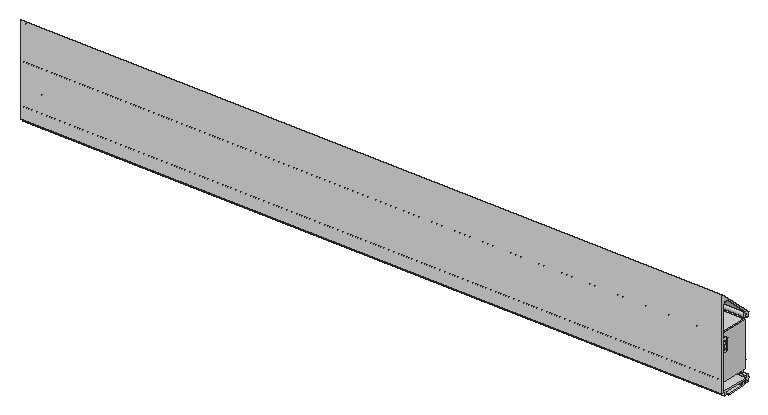
Revit family "Lighting-Current-COVE30", category Lighting Fixtures, host Face, Revit 2019
Family settings
  Host = Face
  Round Connector Dimension = Use Diameter
  Part Type = Normal
  OmniClass Number = 23.80.70.11
  OmniClass Title = Luminaries for Internal Lighting
  Cut with Voids When Loaded = No
  Light Source = Yes
  Shared = No
  Room Calculation Point = No
Parameters (values of type "Cove30")
  a [instance] = if(Knife_Edge, 0.850", if(Knife_Edge_Mud_In, 0.550", 0.000"))  # 0.850"
  Wattage Comments = "2.5W to 8.6W per Feet"  # constant formula
  Wattage = 10 W
  built-in parameter 1150110 = 1 (stored number, unit not read)
  Voltage Comments = "120–347V"  # constant formula
  Voltage = 120 V  # constant formula
  Version = ""
  URL = "https://www.currentlighting.com/columbialighting"
  Type Comments = "Light Fixture"
  built-in parameter 1114217 = 1 (stored number, unit not read)
  Tilt Angle = -90.00°
  built-in parameter 1150109 = 1 (stored number, unit not read)
  built-in parameter 1150134 = (empty or 0)
  built-in parameter 1150113 = 1 (stored number, unit not read)
  Reflector Material = Reflector - Current - Silver
  Product Page URL = "https://www.currentlighting.com/indoor-lighting/cove30/370568"
  Product Documentation Link = "https://cdn.currentlighting.com/site/specsheet/Cove30_Spec.pdf"
  Power Factor = 0.9  # constant formula
  Photometry Note = "Please load ies file listed under Photometric Web File for accurate rendering."  # constant formula
  Photometric Web File = "30L-CC-AI-4-35K9-I030_Position_1.ies"
  Mounting = "Please Refer to the Product Spec Sheet for Mounting Options"  # constant formula
  Model = "Cove30"
  Manufacturer = "Current Lighting"
  built-in parameter 1150105 = 90.718 (stored number, unit not read)
  Lumens = 1140 lm
  built-in parameter 1150115 = 1 (stored number, unit not read)
  Load Classification = Lighting
  built-in parameter 1150137 = (empty or 0)
  built-in parameter 1150139 = (empty or 0)
  Length = 48.000"
  built-in parameter 1150112 = 1 (stored number, unit not read)
  built-in parameter 1150114 = 1 (stored number, unit not read)
  Lamp = "LED"
  LED = LED - Current - Yellow
  Knife_Edge_Mud_In = no
  Knife_Edge = yes
  Installation and Service URL = "https://cdn.currentlighting.com/site/installationmanuals/93168792.pdf"
  built-in parameter 1150132 = (empty or 0)
  built-in parameter 1150102 = (empty or 0)
  built-in parameter 1150107 = 3500 (stored number, unit not read)
  built-in parameter 1150138 = (empty or 0)
  built-in parameter 1150106 = 0.90718 (stored number, unit not read)
  Housing Material = Paint - Current - White
  Heatsink Material = Aluminum - Current - Black
  Features = "Smallest adjustable architectural cove product on the market\r\nAdjustable from 0-30° in 8 increments for varying cove heights & applications\r\nHot-aim, tool-less adjustable optics for adjustment while installed\r\nDesigned for field-built installations. Optional extruded cove systems available\r\n2SDCM color variation for close-to-wall applications\r\nTriGain Technology provides superior color quality without compromising efficacy\r\nVariable Intensity technology provides a range of specifiable outputs/wattages"  # constant formula
  Emit from Circle Diameter = 1.460"
  Emit Shape Visible in Rendering = no
  built-in parameter 1150104 = 10.591 (stored number, unit not read)
  Dimming Lamp Color Temperature Shift = (empty or 0)
  Dimmimng Protocol = "1% Dimming, 0-10V; 5% Dimming, 0-10V"  # constant formula
  Description = "CONCEALED COVE LIGHT"  # constant formula
  Default Elevation = 48.000"
  Cove = Cove : Cove
  Copyright = "COPYRIGHT © 2022 HLI SOLUTIONS, INC."
  Controller = "Please Refer to the Product Spec Sheet for Control Options"  # constant formula
  Contact Us = "https://www.currentlighting.com/contact-us\r\r\nhttps://www.currentlighting.com/contact-us\r\r\nhttps://www.currentlighting.com/contact-us\r\r\nhttps://www.currentlighting.com/contact-us\r\r\nhttps://www.currentlighting.com/contact-us"
  Color Rendering Index = "90"
  Color Filter = 16777215
  CS = Knife-Edge : Knife-Edge
  built-in parameter 1114218 = 1 (stored number, unit not read)
  B [instance] = if(Knife_Edge, 0.290", 0.000")  # 0.290"
  built-in parameter 1150133 = 10 (stored number, unit not read)
  Assembly Code = "D5020200"
  Apparent Load = Wattage  # 10 W
Reference planes (in)
  plane 1 "Center (Front/Back)": y = 0
  plane 2: z = 0
  plane 3 "Center (Left/Right)": x = 0
  plane 4: x = -24
  plane 5: x = 24
  plane 6: z = 0.85
  plane 7: z = 0.29
Forms (in)
  Extrusion 1, solid, material "Paint - Current - White" <- "Housing Material", visible <- "Knife_Edge"
    sketch origin (0, 0, 0) x (0, 1, 0) y (0, 0, 1)
      loop
        line (0.97122, 0.14725) -> (0.97122, 0.20506) -> (0.75764, 0.20506)
        arc (0.75764, 0.20506) -> (0.68693, 0.17578) -> (0.65764, 0.10506) r 0.1
        line (0.65764, 0.10506) -> (0.65764, 0.05) -> (-0.50833, 0.05) -> (-0.50833, 0) -> (0.65764, 0)
        arc (0.65764, 0) -> (0.693, 0.01464) -> (0.70764, 0.05) r 0.05
        line (0.70764, 0.05) -> (0.70764, 0.09725)
        arc (0.70764, 0.09725) -> (0.72229, 0.13261) -> (0.75764, 0.14725) r 0.05
        line (0.75764, 0.14725) -> (0.97122, 0.14725)
    from -24 to 24
Lines and regions (in)
  symbolic lines
    curve 1: circle (-24.575, 0, 0) r 1.765 normal (0, 0, 1)
Dimensions and locks (in)
  "Length": plane 5 to plane 4
  equal spacing: plane 5, plane 3 "Center (Left/Right)", plane 4
  "a": host face to plane 6
  "B": plane 7 to plane 2
  locked: curve 1 to curve 1 (diameter 3.530")
  aligned and locked: plane 2 to host face
  aligned and locked: level to host face
  aligned and locked: Extrusion 1 to plane 4
  aligned and locked: plane 5 to Extrusion 1
  aligned and locked: plane 6 to nested 1
  aligned and locked: imposter light to nested 1
  aligned and locked: plane 3 "Center (Left/Right)" to imposter light
  aligned and locked: plane 1 "Center (Front/Back)" to nested 2
  aligned and locked: plane 3 "Center (Left/Right)" to nested 2
  aligned and locked: nested 2 to plane 4
  aligned and locked: plane 5 to nested 2
  aligned and locked: plane 4 to nested 1
  aligned and locked: plane 5 to nested 1
  aligned and locked: plane 7 to nested 2
Automatic sketch dimensions
  plane 1 "Center (Front/Back)" to curve 1 = 0.000"
  curve 1 to plane 4 = 0.575"
  host sketch curve to host sketch curve = 96.000"  (x2)
  Extrusion 1 sketch curve to level = 0.000"
  plane 1 "Center (Front/Back)" to Extrusion 1 sketch curve = 0.50833"
  Extrusion 1 sketch curve to plane 1 "Center (Front/Back)" = 0.65764"
  Extrusion 1 sketch curve to Extrusion 1 sketch curve = 0.000"  (x2)
  level to Extrusion 1 sketch curve = 0.050"
  Extrusion 1 sketch curve to Extrusion 1 sketch curve = 0.050"  (x2)
  Extrusion 1 sketch curve to Extrusion 1 sketch curve = 0.21358"
  Extrusion 1 sketch curve to Extrusion 1 sketch curve = 0.04725"
  Extrusion 1 sketch curve to Extrusion 1 sketch curve = 0.00781"
Nested families (in)
  nested 1: "Cove" at (0, 0.03446, 0.85), type <- "Cove", type "Cove"
    with Length 48.000"
  nested 2: "Knife-Edge" at (0, 0, 0.00992), type <- "CS", type "Knife-Edge"
Connectors (in)
  electrical at (0, 0.09972, 0.29)
    settings: on nested 2, index 1, voltage 0 V, apparent load 0 W, apparent load phase1 0 W, apparent load phase2 0 W, apparent load phase3 0 W, power factor 1, load classification "Other", number of poles 1, system type 30, power factor state 1, is connector primary yes, connector utility no, sub classification motor no, connector description ""
Definition of nested family "Cove"
  Parameters (values of type "Cove")
    Length = 45.000"
    Housing Material = none
  Reference planes (in)
    plane 1 "Center (Front/Back)": y = 0
    plane 2: z = 0
    plane 3 "Center (Left/Right)": x = 0
    plane 4: x = 22.5
    plane 5: x = -22.5
    plane 6: x = -22.39844
    plane 7: x = 22.39844
  Forms (in)
    Extrusion 1, solid, material <- "Housing Material"
      sketch origin (0, 0, 0) x (0, 1, 0) y (0, 0, 1)
        loop
          line (0.63222, 0.12466) -> (0.81276, 0.12466) -> (0.81276, 0.1759) -> (-0.74701, 0.1759) -> (-0.74701, 0.39036) -> (-0.78279, 0.42614) -> (-0.74701, 0.42614) -> (-0.74701, 1.17614) -> (-0.62874, 1.17614) -> (-0.62874, 1.4099) -> (-0.55793, 1.4099)
          arc (-0.55793, 1.4099) -> (-0.52385, 1.44398) -> (-0.55793, 1.47806) r 0.03408
          line (-0.55793, 1.47806) -> (0.37993, 1.47806)
          arc (0.37993, 1.47806) -> (0.47069, 1.51244) -> (0.51587, 1.59833) r 0.13697
          line (0.51587, 1.59833) -> (0.69286, 3.03979) -> (0.6531, 3.03979) -> (0.6531, 3.07079) -> (0.81276, 3.07079) -> (0.81276, 3.125) -> (-0.98411, 3.125) -> (-1.06324, 3.04587) -> (-1.06324, 2.94004) -> (-1.00209, 2.87889) -> (-0.89626, 2.87889) -> (-0.69254, 2.67517) -> (-0.69254, 1.87365) -> (-1.00753, 1.87365) -> (-1.06324, 1.81794) -> (-1.06324, 0.18845) -> (-0.99945, 0.12466) -> (0.5625, 0.12466) -> (0.5625, 0) -> (0.63222, 0) -> (0.63222, 0.12466)
      from -22.39844 to 22.39844
    Extrusion 2, solid, material <- "Housing Material"
      sketch origin (0, 0, 0) x (0, 1, 0) y (0, 0, 1)
        loop
          line (-0.74701, 0.99783) -> (-0.74701, 0.63371) -> (-0.71341, 0.63371) -> (-0.71341, 0.66939) -> (-0.60912, 0.66939) -> (-0.60912, 0.95391) -> (-0.71341, 0.95391) -> (-0.71341, 0.99783) -> (-0.74701, 0.99783)
      from -22.39844 to 22.39844
    Extrusion 3, solid, material <- "Housing Material"
      sketch origin (0, 0, 0) x (0, 1, 0) y (0, 0, 1)
        loop
          line (-0.60912, 0.87085) -> (-0.36609, 0.96904) -> (-0.35821, 1.00865) -> (-0.60912, 0.91732) -> (-0.60912, 0.87085)
      from -22.39844 to 22.39844
    Extrusion 4, solid, material <- "Housing Material"
      sketch origin (0, 0, 0) x (0, 1, 0) y (0, 0, 1)
        loop
          line (0.62215, 0.26581) -> (0.66208, 0.22589) -> (0.77339, 0.22589) -> (0.77339, 0.28638) -> (0.81272, 0.32571) -> (0.7813, 0.35712) -> (0.91469, 0.52785) -> (0.94997, 0.49257) -> (0.98712, 0.54011) -> (0.90092, 0.60746)
          arc (0.90092, 0.60746) -> (0.74698, 0.56554) -> (0.68158, 0.71106) r 0.12279
          line (0.68158, 0.71106) -> (0.77339, 1.02472) -> (0.77339, 1.39293) -> (0.65694, 1.39293) -> (0.60933, 1.34532)
          arc (0.60933, 1.34532) -> (0.60933, 1.31594) -> (0.63871, 1.31594) r 0.02077
          line (0.63871, 1.31594) -> (0.6679, 1.34513) -> (0.72678, 1.34513) -> (0.72678, 1.30647) -> (0.72678, 1.05647) -> (0.59664, 0.61187) -> (0.75842, 0.45009) -> (0.88157, 0.56097) -> (0.76801, 0.41562) -> (0.5691, 0.61453) -> (0.41257, 0.77106) -> (0.37876, 0.73726) -> (0.3044, 0.81162) -> (0.68316, 1.19038) -> (0.64891, 1.22463) -> (0.71313, 1.28885) -> (0.67523, 1.32674) -> (0.57366, 1.22517) -> (0.35893, 1.39293)
          arc (0.35893, 1.39293) -> (0.2675, 1.3747) -> (0.18041, 1.34144) r 0.55582
          arc (0.18041, 1.34144) -> (0.15378, 1.33276) -> (0.12714, 1.34144) r 0.04522
          arc (0.12714, 1.34144) -> (0.08476, 1.33813) -> (0.08145, 1.29574) r 0.03271
          arc (0.08145, 1.29574) -> (0.05716, 1.261) -> (0.01495, 1.26499) r 0.04212
          arc (0.01495, 1.26499) -> (-0.03314, 1.26953) -> (-0.06082, 1.22994) r 0.04799
          arc (-0.06082, 1.22994) -> (-0.0858, 1.18645) -> (-0.13522, 1.17785) r 0.05906
          arc (-0.13522, 1.17785) -> (-0.1841, 1.17394) -> (-0.20449, 1.12935) r 0.04841
          arc (-0.20449, 1.12935) -> (-0.21845, 1.07646) -> (-0.27295, 1.07187) r 0.04744
          arc (-0.27295, 1.07187) -> (-0.3413, 1.06056) -> (-0.34254, 0.9913) r 0.05413
          line (-0.34254, 0.9913) -> (-0.41038, 0.92345) -> (-0.37205, 0.88511)
          arc (-0.37205, 0.88511) -> (-0.10366, 1.16004) -> (0.23977, 1.33229) r 1.16074
          arc (0.23977, 1.33229) -> (0.26551, 1.32163) -> (0.27617, 1.29589) r 0.0364
          line (0.27617, 1.29589) -> (0.21204, 1.23177) -> (0.29062, 1.15318) -> (0.23775, 1.10031)
          arc (0.23775, 1.10031) -> (0.26279, 1.0799) -> (0.29487, 1.08359) r 0.04155
          arc (0.29487, 1.08359) -> (0.36392, 1.05723) -> (0.29487, 1.03086) r 0.03956
          arc (0.29487, 1.03086) -> (0.2535, 1.02216) -> (0.2448, 0.98079) r 0.03869
          line (0.2448, 0.98079) -> (0.28058, 0.945) -> (0.05349, 0.71791) -> (0.33276, 0.43864)
          arc (0.33276, 0.43864) -> (0.31783, 0.35968) -> (0.37485, 0.30304) r 0.08573
          arc (0.37485, 0.30304) -> (0.43745, 0.26797) -> (0.509, 0.2624) r 0.16697
          line (0.509, 0.2624) -> (0.59225, 0.34565) -> (0.65192, 0.29558) -> (0.62215, 0.26581)
        loop
          circle (0.45138, 0.38039) r 0.07442
      from -22.39844 to 22.39844
    Extrusion 5, solid, material <- "Housing Material"
      sketch origin (0, 0, 0) x (0, 1, 0) y (0, 0, 1)
        loop
          line (0.63222, 0.12466) -> (0.81276, 0.12466) -> (0.81276, 3.125) -> (-0.98411, 3.125) -> (-1.06324, 3.04587) -> (-1.06324, 2.94004) -> (-1.00209, 2.87889) -> (-0.89626, 2.87889) -> (-0.69254, 2.67517) -> (-0.69254, 1.87365) -> (-1.00753, 1.87365) -> (-1.06324, 1.81794) -> (-1.06324, 0.18845) -> (-0.99945, 0.12466) -> (0.5625, 0.12466) -> (0.5625, 0) -> (0.63222, 0) -> (0.63222, 0.12466)
      from 22.39844 to 22.5
    Extrusion 6, solid, material <- "Housing Material"
      sketch origin (0, 0, 0) x (0, 1, 0) y (0, 0, -1)
        loop
          line (0.63222, -0.12466) -> (0.63222, 0) -> (0.5625, 0) -> (0.5625, -0.12466) -> (-0.99945, -0.12466) -> (-1.06324, -0.18845) -> (-1.06324, -1.81794) -> (-1.00753, -1.87365) -> (-0.69254, -1.87365) -> (-0.69254, -2.67517) -> (-0.89626, -2.87889) -> (-1.00209, -2.87889) -> (-1.06324, -2.94004) -> (-1.06324, -3.04587) -> (-0.98411, -3.125) -> (0.81276, -3.125) -> (0.81276, -0.12466) -> (0.63222, -0.12466)
      from 22.39844 to 22.5
  Dimensions and locks (in)
    "Length": plane 4 to plane 5
    equal spacing: plane 4, plane 3 "Center (Left/Right)", plane 5
    locked: plane 6 to plane 5 at 0.10156
    locked: plane 4 to plane 7 at 0.10156
    aligned and locked: plane 2 to level
    aligned and locked: Extrusion 5 sketch curve to Extrusion 1
    aligned and locked: Extrusion 5 to plane 7
    aligned and locked: plane 4 to Extrusion 5
    aligned and locked: plane 6 to Extrusion 6
    aligned and locked: Extrusion 4 to plane 6
    aligned and locked: plane 7 to Extrusion 4
    aligned and locked: Extrusion 4 to Extrusion 3
    aligned and locked: Extrusion 3 to Extrusion 2
    aligned and locked: Extrusion 1 to Extrusion 2  (x2)
    aligned and locked: Extrusion 1 to Extrusion 4
    aligned and locked: Extrusion 1 to Extrusion 3
    aligned and locked: Extrusion 6 to plane 5
  Automatic sketch dimensions
    Extrusion 1 sketch curve to level = 0.000"
    plane 1 "Center (Front/Back)" to Extrusion 1 sketch curve = 1.06324"  (x2)
    level to Extrusion 1 sketch curve = 0.18845"
    Extrusion 1 sketch curve to Extrusion 1 sketch curve = 0.05571"  (x2)
    Extrusion 1 sketch curve to Extrusion 1 sketch curve = 0.06115"  (x2)
    Extrusion 1 sketch curve to Extrusion 1 sketch curve = 0.06379"
    Extrusion 1 sketch curve to Extrusion 1 sketch curve = 0.07913"  (x2)
    Extrusion 1 sketch curve to Extrusion 1 sketch curve = 0.10583"  (x2)
    Extrusion 1 sketch curve to Extrusion 1 sketch curve = 0.28045"
    Extrusion 1 sketch curve to Extrusion 1 sketch curve = 0.03578"  (x3)
    Extrusion 1 sketch curve to Extrusion 1 sketch curve = 0.20372"  (x2)
    Extrusion 1 sketch curve to Extrusion 1 sketch curve = 0.11827"
    Extrusion 1 sketch curve to Extrusion 1 sketch curve = 0.0708"
    Extrusion 1 sketch curve to plane 1 "Center (Front/Back)" = 0.37993"
    Extrusion 1 sketch curve to Extrusion 1 sketch curve = 0.13595"
    Extrusion 1 sketch curve to plane 1 "Center (Front/Back)" = 0.5625"
    Extrusion 1 sketch curve to Extrusion 1 sketch curve = 0.06972"
    Extrusion 1 sketch curve to plane 1 "Center (Front/Back)" = 0.6531"
    Extrusion 1 sketch curve to Extrusion 1 sketch curve = 0.03976"
    Extrusion 1 sketch curve to Extrusion 1 sketch curve = 0.1199"
    Extrusion 1 sketch curve to Extrusion 1 sketch curve = 0.18054"
    level to Extrusion 1 sketch curve = 0.12466"
    Extrusion 1 sketch curve to Extrusion 1 sketch curve = 0.000"
    level to Extrusion 1 sketch curve = 0.1759"
    Extrusion 1 sketch curve to Extrusion 1 sketch curve = 0.21446"
    Extrusion 1 sketch curve to Extrusion 1 sketch curve = 0.750"
    Extrusion 1 sketch curve to Extrusion 1 sketch curve = 0.23376"
    Extrusion 1 sketch curve to Extrusion 1 sketch curve = 0.03408"
    Extrusion 1 sketch curve to Extrusion 1 sketch curve = 0.12027"
    Extrusion 1 sketch curve to Extrusion 1 sketch curve = 0.40804"
    Extrusion 1 sketch curve to Extrusion 1 sketch curve = 0.80152"
    Extrusion 1 sketch curve to Extrusion 1 sketch curve = 0.36462"
    Extrusion 1 sketch curve to Extrusion 1 sketch curve = 0.031"
    plane 1 "Center (Front/Back)" to Extrusion 2 sketch curve = 0.74701"
    Extrusion 2 sketch curve to Extrusion 2 sketch curve = 0.03359"  (x2)
    Extrusion 2 sketch curve to Extrusion 2 sketch curve = 0.1043"
    level to Extrusion 2 sketch curve = 0.63371"
    Extrusion 2 sketch curve to Extrusion 2 sketch curve = 0.03568"
    Extrusion 2 sketch curve to Extrusion 2 sketch curve = 0.28453"
    Extrusion 2 sketch curve to Extrusion 2 sketch curve = 0.04391"
    plane 1 "Center (Front/Back)" to Extrusion 3 sketch curve = 0.60912"
    Extrusion 3 sketch curve to Extrusion 3 sketch curve = 0.24302"
    Extrusion 3 sketch curve to Extrusion 3 sketch curve = 0.00788"
    level to Extrusion 3 sketch curve = 0.87085"
    Extrusion 3 sketch curve to Extrusion 3 sketch curve = 0.04648"
    Extrusion 3 sketch curve to Extrusion 3 sketch curve = 0.05171"
    Extrusion 3 sketch curve to Extrusion 3 sketch curve = 0.03961"
    plane 1 "Center (Front/Back)" to Extrusion 4 sketch curve = 0.41038"
    Extrusion 4 sketch curve to Extrusion 4 sketch curve = 0.03834"  (x2)
    Extrusion 4 sketch curve to Extrusion 4 sketch curve = 0.06784"
    Extrusion 4 sketch curve to Extrusion 4 sketch curve = 0.04221"
    Extrusion 4 sketch curve to Extrusion 4 sketch curve = 0.05138"
    Extrusion 4 sketch curve to Extrusion 4 sketch curve = 0.09263"
    Extrusion 4 sketch curve to Extrusion 4 sketch curve = 0.03665"
    plane 1 "Center (Front/Back)" to Extrusion 4 sketch curve = 0.013"
    Extrusion 4 sketch curve to plane 1 "Center (Front/Back)" = 0.03948"
    Extrusion 4 sketch curve to plane 1 "Center (Front/Back)" = 0.05349"
    Extrusion 4 sketch curve to Extrusion 4 sketch curve = 0.06841"
    Extrusion 4 sketch curve to Extrusion 4 sketch curve = 0.04589"
    Extrusion 4 sketch curve to Extrusion 4 sketch curve = 0.10416"
    Extrusion 4 sketch curve to Extrusion 4 sketch curve = 0.02571"
    Extrusion 4 sketch curve to Extrusion 4 sketch curve = 0.02772"
    Extrusion 4 sketch curve to Extrusion 4 sketch curve = 0.00704"
    Extrusion 4 sketch curve to Extrusion 4 sketch curve = 0.03671"
    Extrusion 4 sketch curve to Extrusion 4 sketch curve = 0.0364"
    Extrusion 4 sketch curve to Extrusion 4 sketch curve = 0.03578"
    Extrusion 4 sketch curve to Extrusion 4 sketch curve = 0.03606"
    Extrusion 4 sketch curve to Extrusion 4 sketch curve = 0.01617"
    Extrusion 4 sketch curve to Extrusion 4 sketch curve = 0.02382"
    Extrusion 4 sketch curve to Extrusion 4 sketch curve = 0.04351"
    Extrusion 4 sketch curve to plane 1 "Center (Front/Back)" = 0.33276"
    Extrusion 4 sketch curve to Extrusion 4 sketch curve = 0.08276"
    Extrusion 4 sketch curve to Extrusion 4 sketch curve = 0.07436"
    Extrusion 4 sketch curve to Extrusion 4 sketch curve = 0.06696"
    Extrusion 4 sketch curve to Extrusion 4 sketch curve = 0.0338"
    Extrusion 4 sketch curve to Extrusion 4 sketch curve = 0.00899"
    Extrusion 4 sketch curve to Extrusion 4 sketch curve = 0.05166"
    Extrusion 4 sketch curve to Extrusion 4 sketch curve = 0.03449"
    level to Extrusion 4 sketch curve = 0.2624"
    Extrusion 4 sketch curve to Extrusion 4 sketch curve = 0.05762"
    Extrusion 4 sketch curve to Extrusion 4 sketch curve = 0.08323"
    Extrusion 4 sketch curve to Extrusion 4 sketch curve = 0.21473"
    Extrusion 4 sketch curve to Extrusion 4 sketch curve = 0.07228"
    Extrusion 4 sketch curve to Extrusion 4 sketch curve = 0.08325"
    Extrusion 4 sketch curve to Extrusion 4 sketch curve = 0.02754"
    Extrusion 4 sketch curve to Extrusion 4 sketch curve = 0.03567"
    level to Extrusion 4 sketch curve = 0.26581"
    Extrusion 4 sketch curve to Extrusion 4 sketch curve = 0.04088"
    Extrusion 4 sketch curve to Extrusion 4 sketch curve = 0.01469"  (x3)
    Extrusion 4 sketch curve to Extrusion 4 sketch curve = 0.07525"
    level to Extrusion 4 sketch curve = 0.29558"
    Extrusion 4 sketch curve to Extrusion 4 sketch curve = 0.02977"
    Extrusion 4 sketch curve to Extrusion 4 sketch curve = 0.04761"
    level to Extrusion 4 sketch curve = 0.22589"
    Extrusion 4 sketch curve to Extrusion 4 sketch curve = 0.02919"
    Extrusion 4 sketch curve to Extrusion 4 sketch curve = 0.00733"
    Extrusion 4 sketch curve to Extrusion 4 sketch curve = 0.08494"
    Extrusion 4 sketch curve to Extrusion 4 sketch curve = 0.03425"
    Extrusion 4 sketch curve to Extrusion 4 sketch curve = 0.03789"
    Extrusion 4 sketch curve to Extrusion 4 sketch curve = 0.01365"
    Extrusion 4 sketch curve to Extrusion 4 sketch curve = 0.1065"
    Extrusion 4 sketch curve to Extrusion 4 sketch curve = 0.00959"
    Extrusion 4 sketch curve to Extrusion 4 sketch curve = 0.11131"
    Extrusion 4 sketch curve to Extrusion 4 sketch curve = 0.04662"
    level to Extrusion 4 sketch curve = 0.35712"
    Extrusion 4 sketch curve to Extrusion 4 sketch curve = 0.01329"
    Extrusion 4 sketch curve to Extrusion 4 sketch curve = 0.11784"
    level to Extrusion 4 sketch curve = 0.32571"
    Extrusion 4 sketch curve to Extrusion 4 sketch curve = 0.03141"
    Extrusion 4 sketch curve to Extrusion 4 sketch curve = 0.08215"
    level to Extrusion 4 sketch curve = 0.60746"
    Extrusion 4 sketch curve to Extrusion 4 sketch curve = 0.01935"
    Extrusion 4 sketch curve to Extrusion 4 sketch curve = 0.03312"  (x2)
    Extrusion 4 sketch curve to Extrusion 4 sketch curve = 0.03528"  (x2)
    level to Extrusion 4 sketch curve = 0.54011"
    Extrusion 4 sketch curve to Extrusion 4 sketch curve = 0.03715"
    Extrusion 4 sketch curve to Extrusion 4 sketch curve = 0.04288"
    Extrusion 4 sketch curve to Extrusion 4 sketch curve = 0.05007"
    Extrusion 4 sketch curve to Extrusion 4 sketch curve = 0.11798"
    Extrusion 4 sketch curve to Extrusion 4 sketch curve = 0.00471"
    Extrusion 4 sketch curve to Extrusion 4 sketch curve = 0.0585"
    Extrusion 4 sketch curve to Extrusion 4 sketch curve = 0.04738"
    Extrusion 4 sketch curve to Extrusion 4 sketch curve = 0.05355"
    Extrusion 4 sketch curve to Extrusion 4 sketch curve = 0.03447"
    Extrusion 4 sketch curve to Extrusion 4 sketch curve = 0.18411"
    Extrusion 4 sketch curve to Extrusion 4 sketch curve = 0.00266"
    Extrusion 4 sketch curve to Extrusion 4 sketch curve = 0.0691"
    Extrusion 4 sketch curve to Extrusion 4 sketch curve = 0.27927"
    Extrusion 4 sketch curve to Extrusion 4 sketch curve = 0.12273"
    Extrusion 4 sketch curve to Extrusion 4 sketch curve = 0.06959"
    Extrusion 4 sketch curve to Extrusion 4 sketch curve = 0.1672"
    Extrusion 4 sketch curve to Extrusion 4 sketch curve = 0.01402"
    Extrusion 4 sketch curve to Extrusion 4 sketch curve = 0.16565"
    Extrusion 4 sketch curve to Extrusion 4 sketch curve = 0.03388"
    Extrusion 4 sketch curve to Extrusion 4 sketch curve = 0.03174"
    Extrusion 4 sketch curve to Extrusion 4 sketch curve = 0.06242"
    Extrusion 4 sketch curve to Extrusion 4 sketch curve = 0.04308"
    Extrusion 4 sketch curve to Extrusion 4 sketch curve = 0.08762"
    Extrusion 4 sketch curve to Extrusion 4 sketch curve = 0.0334"
    Extrusion 4 sketch curve to Extrusion 4 sketch curve = 0.02148"
    Extrusion 4 sketch curve to Extrusion 4 sketch curve = 0.09169"
    Extrusion 4 sketch curve to Extrusion 4 sketch curve = 0.10055"
    Extrusion 4 sketch curve to Extrusion 4 sketch curve = 0.07325"
    Extrusion 4 sketch curve to Extrusion 4 sketch curve = 0.01762"
    Extrusion 4 sketch curve to Extrusion 4 sketch curve = 0.01578"
    Extrusion 4 sketch curve to Extrusion 4 sketch curve = 0.0108"
    Extrusion 4 sketch curve to Extrusion 4 sketch curve = 0.03867"
    Extrusion 4 sketch curve to Extrusion 4 sketch curve = 0.06298"
    Extrusion 4 sketch curve to Extrusion 4 sketch curve = 0.09704"
    Extrusion 4 sketch curve to Extrusion 4 sketch curve = 0.0478"
    Extrusion 4 sketch curve to Extrusion 4 sketch curve = 0.000"  (x4)
    Extrusion 4 sketch curve to Extrusion 4 sketch curve = 0.04446"
    Extrusion 4 sketch curve to Extrusion 4 sketch curve = 0.02111"
    Extrusion 4 sketch curve to Extrusion 4 sketch curve = 0.02643"
    Extrusion 4 sketch curve to Extrusion 4 sketch curve = 0.02949"
    Extrusion 5 sketch curve to level = 0.000"
    Extrusion 5 sketch curve to Extrusion 5 sketch curve = 0.18054"
    Extrusion 5 sketch curve to Extrusion 5 sketch curve = 0.06972"
    plane 1 "Center (Front/Back)" to Extrusion 5 sketch curve = 0.69254"
    Extrusion 5 sketch curve to Extrusion 5 sketch curve = 0.20372"  (x2)
    Extrusion 5 sketch curve to Extrusion 5 sketch curve = 0.08785"
    level to Extrusion 5 sketch curve = 0.12466"
    plane 1 "Center (Front/Back)" to Extrusion 5 sketch curve = 0.99945"
    Extrusion 5 sketch curve to Extrusion 5 sketch curve = 0.10583"  (x2)
    Extrusion 5 sketch curve to Extrusion 5 sketch curve = 0.31499"
    level to Extrusion 5 sketch curve = 0.18845"
    Extrusion 5 sketch curve to Extrusion 5 sketch curve = 0.06379"
    Extrusion 5 sketch curve to Extrusion 5 sketch curve = 0.06115"  (x2)
    Extrusion 5 sketch curve to Extrusion 5 sketch curve = 0.000"
    Extrusion 5 sketch curve to Extrusion 5 sketch curve = 1.62949"
    Extrusion 5 sketch curve to Extrusion 5 sketch curve = 0.05571"
    Extrusion 5 sketch curve to Extrusion 5 sketch curve = 0.80152"
    Extrusion 5 sketch curve to Extrusion 5 sketch curve = 0.44983"
    Extrusion 6 sketch curve to level = 0.000"
    plane 1 "Center (Front/Back)" to Extrusion 6 sketch curve = 1.06324"  (x2)
    Extrusion 6 sketch curve to Extrusion 6 sketch curve = 0.05571"  (x2)
    Extrusion 6 sketch curve to Extrusion 6 sketch curve = 0.06115"  (x2)
    level to Extrusion 6 sketch curve = 0.12466"
    Extrusion 6 sketch curve to Extrusion 6 sketch curve = 0.06379"  (x2)
    Extrusion 6 sketch curve to Extrusion 6 sketch curve = 0.07913"  (x2)
    Extrusion 6 sketch curve to Extrusion 6 sketch curve = 0.10583"  (x2)
    Extrusion 6 sketch curve to Extrusion 6 sketch curve = 0.20372"  (x2)
    Extrusion 6 sketch curve to plane 1 "Center (Front/Back)" = 0.5625"
    Extrusion 6 sketch curve to Extrusion 6 sketch curve = 0.06972"
    Extrusion 6 sketch curve to Extrusion 6 sketch curve = 0.18054"
    Extrusion 6 sketch curve to Extrusion 6 sketch curve = 0.000"
    Extrusion 6 sketch curve to Extrusion 6 sketch curve = 1.62949"
    Extrusion 6 sketch curve to Extrusion 6 sketch curve = 0.80152"
    radius of Extrusion 4 sketch curve = 0.07442"
Definition of nested family "Knife-Edge"
  Parameters (values of type "Knife-Edge")
    Length = 48.000"
    Knife_Edge,Mud_In = no
    Knife_Edge = yes
    Housing Material = none
  Reference planes (in)
    plane 1 "Center (Front/Back)": y = 0
    plane 2: z = 0
    plane 3 "Center (Left/Right)": x = 0
    plane 4: x = 24
    plane 5: x = -24
    plane 6: x = -23.89844
    plane 7: x = 23.89844
  Forms (in)
    Extrusion 1, solid, material <- "Housing Material", visible <- "Knife_Edge"
      sketch origin (0, -0.03125, 3.18533) x (0, 1, 0) y (0, 0, -1)
        loop
          line (1.01193, 2.81765) -> (1.01193, 2.69222)
          arc (1.01193, 2.69222) -> (1.05276, 2.64195) -> (1.10304, 2.60111) r 0.31419
          line (1.10304, 2.60111) -> (1.10304, 2.81765) -> (1.16099, 2.81765) -> (1.16099, 2.90525) -> (1.10304, 2.90525) -> (1.10304, 3.13625) -> (0.80555, 3.13625) -> (0.80555, 3.03986) -> (1.01193, 3.03986) -> (1.01193, 2.90525) -> (-0.75, 2.90525) -> (-0.75, 3.11132) -> (-0.83901, 3.11132) -> (-0.83901, 2.90525) -> (-1.08901, 2.90525) -> (-1.08901, -3.15252) -> (1.16099, -1.12661) -> (1.09198, -1.12661) -> (1.09198, -0.89539) -> (0.98458, -1.00279)
          arc (0.98458, -1.00279) -> (0.93032, -1.18264) -> (0.87605, -1.00279) r 0.09811
          line (0.87605, -1.00279) -> (0.84446, -0.94373)
          arc (0.84446, -0.94373) -> (0.74357, -1.1121) -> (0.84446, -1.28047) r 0.19094
          line (0.84446, -1.28047) -> (-0.69717, -2.66856) -> (-0.75121, -2.61453) -> (-0.81153, -2.67484)
          arc (-0.81153, -2.67484) -> (-0.92368, -2.81291) -> (-0.92086, -2.63505) r 0.09411
          line (-0.92086, -2.63505) -> (-0.92086, -2.54415) -> (-0.98807, -2.54415) -> (-0.98807, -0.4439) -> (-0.73762, -0.4439) -> (-0.73762, -0.25433) -> (-0.85895, -0.25433) -> (-0.85895, -0.34486) -> (-0.98807, -0.34486) -> (-0.98807, 0.15514) -> (-0.85895, 0.15514) -> (-0.85895, 0.04392) -> (-0.73762, 0.04392) -> (-0.73762, 0.24613) -> (-0.98807, 0.24613) -> (-0.98807, 0.36745) -> (-0.73762, 0.36745) -> (-0.73762, 0.44581) -> (-0.98807, 0.44581) -> (-0.98807, 2.81765) -> (1.01193, 2.81765)
      from -24 to 24
    Extrusion 2, solid, material <- "Housing Material"
      sketch origin (0, 0, 0) x (0, 1, 0) y (0, 0, 1)
        loop
          line (0.96903, 0.14725) -> (0.96903, 0.20506) -> (0.75545, 0.20506)
          arc (0.75545, 0.20506) -> (0.68474, 0.17578) -> (0.65545, 0.10506) r 0.1
          line (0.65545, 0.10506) -> (0.65545, 0.05) -> (-0.51052, 0.05) -> (-0.51052, 0) -> (0.65545, 0)
          arc (0.65545, 0) -> (0.69081, 0.01464) -> (0.70545, 0.05) r 0.05
          line (0.70545, 0.05) -> (0.70545, 0.09725)
          arc (0.70545, 0.09725) -> (0.7201, 0.13261) -> (0.75545, 0.14725) r 0.05
          line (0.75545, 0.14725) -> (0.96903, 0.14725)
      from 0 to 12
    Extrusion 3, solid, material <- "Housing Material", visible <- "Knife_Edge,Mud_In"
      sketch origin (0, 0, 0) x (0, 1, 0) y (0, 0, 1)
        loop
          line (0.85568, 0.36768) -> (-1.01932, 0.36768) -> (-1.01932, 2.73952) -> (-0.76887, 2.73952) -> (-0.76887, 2.81788) -> (-1.01932, 2.81788) -> (-1.01932, 2.9392) -> (-0.76887, 2.9392) -> (-0.76887, 3.14141) -> (-0.8902, 3.14141) -> (-0.8902, 3.03019) -> (-1.01932, 3.03019) -> (-1.01932, 3.53019) -> (-0.8902, 3.53019) -> (-0.8902, 3.43966) -> (-0.76887, 3.43966) -> (-0.76887, 3.62923) -> (-1.01932, 3.62923) -> (-1.01932, 5.72948) -> (-0.95211, 5.72948) -> (-0.95211, 5.82038)
          arc (-0.95211, 5.82038) -> (-0.95493, 5.99823) -> (-0.84278, 5.86017) r 0.09411
          line (-0.84278, 5.86017) -> (-0.78246, 5.79985) -> (-0.72842, 5.85389) -> (0.78845, 4.48809)
          arc (0.78845, 4.48809) -> (0.59436, 4.34877) -> (0.68821, 4.12906) r 0.19094
          line (0.68821, 4.12906) -> (0.7198, 4.18812)
          arc (0.7198, 4.18812) -> (0.77407, 4.36797) -> (0.82833, 4.18812) r 0.09811
          line (0.82833, 4.18812) -> (0.93573, 4.08072) -> (0.93573, 4.48662) -> (-1.24026, 6.4459) -> (-1.24026, 6.3267) -> (-1.12026, 6.2067) -> (-1.12026, 6.03992) -> (-1.09077, 6.01518)
          arc (-1.09077, 6.01518) -> (-1.07949, 5.99325) -> (-1.0912, 5.97154) r 0.02646
          line (-1.0912, 5.97154) -> (-1.12026, 5.95202) -> (-1.12026, 5.742) -> (-1.09077, 5.71726)
          arc (-1.09077, 5.71726) -> (-1.07949, 5.69533) -> (-1.0912, 5.67362) r 0.02646
          line (-1.0912, 5.67362) -> (-1.12026, 5.6541) -> (-1.12026, 5.44408) -> (-1.09077, 5.41934)
          arc (-1.09077, 5.41934) -> (-1.07949, 5.3974) -> (-1.0912, 5.37569) r 0.02646
          line (-1.0912, 5.37569) -> (-1.12026, 5.35617) -> (-1.12026, 5.05825) -> (-1.09077, 5.03351)
          arc (-1.09077, 5.03351) -> (-1.07949, 5.01158) -> (-1.0912, 4.98987) r 0.02646
          line (-1.0912, 4.98987) -> (-1.12026, 4.97034) -> (-1.12026, 4.67242) -> (-1.09077, 4.64768)
          arc (-1.09077, 4.64768) -> (-1.07949, 4.62575) -> (-1.0912, 4.60404) r 0.02646
          line (-1.0912, 4.60404) -> (-1.12026, 4.58452) -> (-1.12026, 4.28659) -> (-1.09077, 4.26185)
          arc (-1.09077, 4.26185) -> (-1.07949, 4.23992) -> (-1.0912, 4.21821) r 0.02646
          line (-1.0912, 4.21821) -> (-1.12026, 4.19869) -> (-1.12026, 3.90076) -> (-1.09077, 3.87602)
          arc (-1.09077, 3.87602) -> (-1.07949, 3.85409) -> (-1.0912, 3.83238) r 0.02646
          line (-1.0912, 3.83238) -> (-1.12026, 3.81286) -> (-1.12026, 3.51493) -> (-1.09077, 3.49019)
          arc (-1.09077, 3.49019) -> (-1.07949, 3.46826) -> (-1.0912, 3.44655) r 0.02646
          line (-1.0912, 3.44655) -> (-1.12026, 3.42703) -> (-1.12026, 3.12911) -> (-1.09077, 3.10436)
          arc (-1.09077, 3.10436) -> (-1.07949, 3.08243) -> (-1.0912, 3.06072) r 0.02646
          line (-1.0912, 3.06072) -> (-1.12026, 3.0412) -> (-1.12026, 2.74328) -> (-1.09077, 2.71853)
          arc (-1.09077, 2.71853) -> (-1.07949, 2.6966) -> (-1.0912, 2.67489) r 0.02646
          line (-1.0912, 2.67489) -> (-1.12026, 2.65537) -> (-1.12026, 2.35745) -> (-1.09077, 2.33271)
          arc (-1.09077, 2.33271) -> (-1.07949, 2.31077) -> (-1.0912, 2.28906) r 0.02646
          line (-1.0912, 2.28906) -> (-1.12026, 2.26954) -> (-1.12026, 1.97162) -> (-1.09077, 1.94688)
          arc (-1.09077, 1.94688) -> (-1.07949, 1.92494) -> (-1.0912, 1.90323) r 0.02646
          line (-1.0912, 1.90323) -> (-1.12026, 1.88371) -> (-1.12026, 1.58579) -> (-1.09077, 1.56105)
          arc (-1.09077, 1.56105) -> (-1.07949, 1.53911) -> (-1.0912, 1.51741) r 0.02646
          line (-1.0912, 1.51741) -> (-1.12026, 1.49788) -> (-1.12026, 1.19996) -> (-1.09077, 1.17522)
          arc (-1.09077, 1.17522) -> (-1.07949, 1.15329) -> (-1.0912, 1.13158) r 0.02646
          line (-1.0912, 1.13158) -> (-1.12026, 1.11205) -> (-1.12026, 0.81413) -> (-1.09077, 0.78939)
          arc (-1.09077, 0.78939) -> (-1.07949, 0.76746) -> (-1.0912, 0.74575) r 0.02646
          line (-1.0912, 0.74575) -> (-1.12026, 0.72623) -> (-1.09077, 0.70148)
          arc (-1.09077, 0.70148) -> (-1.07949, 0.67955) -> (-1.0912, 0.65784) r 0.02646
          line (-1.0912, 0.65784) -> (-1.12026, 0.63832) -> (-1.12026, 0.3404) -> (-1.09077, 0.31565)
          arc (-1.09077, 0.31565) -> (-1.07949, 0.29372) -> (-1.0912, 0.27201) r 0.02646
          line (-1.0912, 0.27201) -> (-1.12026, 0.25249) -> (-1.12026, -0.04543) -> (-1.09077, -0.07017)
          arc (-1.09077, -0.07017) -> (-1.07949, -0.09211) -> (-1.0912, -0.11382) r 0.02646
          line (-1.0912, -0.11382) -> (-1.12026, -0.13334) -> (-1.12026, -0.50898) -> (-1.01932, -0.50898) -> (-1.01932, 0.28008) -> (0.84328, 0.28008) -> (1.00474, 0.28008) -> (1.00474, 0.36768) -> (0.94679, 0.36768) -> (0.94679, 0.58421)
          arc (0.94679, 0.58421) -> (0.89651, 0.54338) -> (0.85568, 0.49311) r 0.31419
          line (0.85568, 0.49311) -> (0.85568, 0.36768)
      from -24 to 24
  Dimensions and locks (in)
    "Length": plane 4 to plane 5
    equal spacing: plane 4, plane 3 "Center (Left/Right)", plane 5
    locked: plane 6 to plane 5 at 0.10156
    locked: plane 4 to plane 7 at 0.10156
    aligned and locked: plane 2 to level
    aligned and locked: Extrusion 1 to plane 5
    aligned and locked: plane 4 to Extrusion 1
    aligned and locked: Extrusion 3 to plane 5
    aligned and locked: plane 4 to Extrusion 3
  Automatic sketch dimensions
    Extrusion 2 sketch curve to level = 0.000"
    plane 1 "Center (Front/Back)" to Extrusion 2 sketch curve = 0.51052"
    Extrusion 2 sketch curve to plane 1 "Center (Front/Back)" = 0.65545"
    Extrusion 2 sketch curve to Extrusion 2 sketch curve = 0.000"  (x2)
    level to Extrusion 2 sketch curve = 0.050"
    Extrusion 2 sketch curve to Extrusion 2 sketch curve = 0.050"  (x2)
    Extrusion 2 sketch curve to Extrusion 2 sketch curve = 0.21358"
    Extrusion 2 sketch curve to Extrusion 2 sketch curve = 0.04725"
    Extrusion 2 sketch curve to Extrusion 2 sketch curve = 0.00781"
    plane 1 "Center (Front/Back)" to Extrusion 1 sketch curve = 1.12026"
    plane 1 "Center (Front/Back)" to Extrusion 1 sketch curve = 1.01932"
    Extrusion 1 sketch curve to Extrusion 1 sketch curve = 0.000"  (x7)
    Extrusion 1 sketch curve to Extrusion 1 sketch curve = 0.10094"
    Extrusion 1 sketch curve to Extrusion 1 sketch curve = 0.06721"
    Extrusion 1 sketch curve to Extrusion 1 sketch curve = 0.02936"
    Extrusion 1 sketch curve to Extrusion 1 sketch curve = 0.12912"  (x2)
    level to Extrusion 1 sketch curve = 0.07401"
    Extrusion 1 sketch curve to Extrusion 1 sketch curve = 0.250"
    Extrusion 1 sketch curve to Extrusion 1 sketch curve = 0.07997"
    Extrusion 1 sketch curve to Extrusion 1 sketch curve = 0.06032"
    Extrusion 1 sketch curve to Extrusion 1 sketch curve = 0.08901"
    Extrusion 1 sketch curve to Extrusion 1 sketch curve = 0.12132"  (x3)
    Extrusion 1 sketch curve to Extrusion 1 sketch curve = 0.05404"  (x2)
    level to Extrusion 1 sketch curve = 0.04908"
    Extrusion 1 sketch curve to plane 1 "Center (Front/Back)" = 0.7743"
    Extrusion 1 sketch curve to plane 1 "Center (Front/Back)" = 0.81321"
    Extrusion 1 sketch curve to Extrusion 1 sketch curve = 0.03159"
    Extrusion 1 sketch curve to Extrusion 1 sketch curve = 0.05427"  (x2)
    Extrusion 1 sketch curve to Extrusion 1 sketch curve = 0.00419"
    Extrusion 1 sketch curve to Extrusion 1 sketch curve = 0.20638"
    Extrusion 1 sketch curve to Extrusion 1 sketch curve = 0.1074"  (x2)
    Extrusion 1 sketch curve to Extrusion 1 sketch curve = 0.09111"
    Extrusion 1 sketch curve to Extrusion 1 sketch curve = 0.05795"
    Extrusion 1 sketch curve to Extrusion 1 sketch curve = 0.06901"
    Extrusion 1 sketch curve to Extrusion 1 sketch curve = 0.11394"
    Extrusion 1 sketch curve to Extrusion 1 sketch curve = 0.09639"
    Extrusion 1 sketch curve to Extrusion 1 sketch curve = 0.13462"
    Extrusion 1 sketch curve to Extrusion 1 sketch curve = 0.20608"
    Extrusion 1 sketch curve to Extrusion 1 sketch curve = 0.04113"
    Extrusion 1 sketch curve to Extrusion 1 sketch curve = 0.0876"  (x2)
    Extrusion 1 sketch curve to Extrusion 1 sketch curve = 0.12543"
    Extrusion 1 sketch curve to Extrusion 1 sketch curve = 2.37184"
    Extrusion 1 sketch curve to Extrusion 1 sketch curve = 0.07835"
    Extrusion 1 sketch curve to Extrusion 1 sketch curve = 0.09099"
    Extrusion 1 sketch curve to Extrusion 1 sketch curve = 0.11121"
    Extrusion 1 sketch curve to Extrusion 1 sketch curve = 0.29825"
    Extrusion 1 sketch curve to Extrusion 1 sketch curve = 0.09053"
    Extrusion 1 sketch curve to Extrusion 1 sketch curve = 0.09903"
    Extrusion 1 sketch curve to Extrusion 1 sketch curve = 0.45149"
    Extrusion 1 sketch curve to Extrusion 1 sketch curve = 0.04834"
    Extrusion 1 sketch curve to Extrusion 1 sketch curve = 0.08174"
    Extrusion 1 sketch curve to Extrusion 1 sketch curve = 0.02757"
    Extrusion 1 sketch curve to Extrusion 1 sketch curve = 0.12382"
    Extrusion 1 sketch curve to Extrusion 1 sketch curve = 2.10026"
    Extrusion 1 sketch curve to Extrusion 1 sketch curve = 0.07037"
    Extrusion 1 sketch curve to Extrusion 1 sketch curve = 0.0909"
    Extrusion 1 sketch curve to Extrusion 1 sketch curve = 0.42805"
    plane 1 "Center (Front/Back)" to Extrusion 3 sketch curve = 1.24026"
    Extrusion 3 sketch curve to level = 0.04543"
    plane 1 "Center (Front/Back)" to Extrusion 3 sketch curve = 1.12026"  (x2)
    Extrusion 3 sketch curve to Extrusion 3 sketch curve = 0.000"  (x19)
    level to Extrusion 3 sketch curve = 0.3404"
    Extrusion 3 sketch curve to level = 0.13334"
    Extrusion 3 sketch curve to Extrusion 3 sketch curve = 0.120"  (x2)
    Extrusion 3 sketch curve to Extrusion 3 sketch curve = 0.01431"  (x18)
    Extrusion 3 sketch curve to Extrusion 3 sketch curve = 0.01475"  (x18)
    Extrusion 3 sketch curve to level = 0.11382"
    level to Extrusion 3 sketch curve = 0.27201"
    Extrusion 3 sketch curve to Extrusion 3 sketch curve = 0.01518"  (x18)
    level to Extrusion 3 sketch curve = 0.31565"
    Extrusion 3 sketch curve to level = 0.07017"
    Extrusion 3 sketch curve to Extrusion 3 sketch curve = 0.07145"  (x2)
    Extrusion 3 sketch curve to Extrusion 3 sketch curve = 0.10094"
    Extrusion 3 sketch curve to Extrusion 3 sketch curve = 0.06721"
    Extrusion 3 sketch curve to Extrusion 3 sketch curve = 0.02936"
    Extrusion 3 sketch curve to Extrusion 3 sketch curve = 0.12912"  (x2)
    Extrusion 3 sketch curve to Extrusion 3 sketch curve = 0.07997"
    Extrusion 3 sketch curve to Extrusion 3 sketch curve = 0.06032"
    Extrusion 3 sketch curve to Extrusion 3 sketch curve = 0.12132"  (x3)
    Extrusion 3 sketch curve to Extrusion 3 sketch curve = 0.05404"  (x2)
    Extrusion 3 sketch curve to plane 1 "Center (Front/Back)" = 0.68821"
    Extrusion 3 sketch curve to Extrusion 3 sketch curve = 0.03159"
    Extrusion 3 sketch curve to Extrusion 3 sketch curve = 0.05427"  (x2)
    Extrusion 3 sketch curve to Extrusion 3 sketch curve = 0.00419"
    Extrusion 3 sketch curve to Extrusion 3 sketch curve = 0.01019"
    level to Extrusion 3 sketch curve = 0.28008"
    Extrusion 3 sketch curve to plane 1 "Center (Front/Back)" = 0.84328"
    Extrusion 3 sketch curve to Extrusion 3 sketch curve = 0.0124"
    Extrusion 3 sketch curve to Extrusion 3 sketch curve = 0.1074"  (x2)
    Extrusion 3 sketch curve to Extrusion 3 sketch curve = 0.09111"
    Extrusion 3 sketch curve to Extrusion 3 sketch curve = 0.05795"
    Extrusion 3 sketch curve to Extrusion 3 sketch curve = 0.11394"
    Extrusion 3 sketch curve to Extrusion 3 sketch curve = 0.37564"
    Extrusion 3 sketch curve to Extrusion 3 sketch curve = 0.01952"  (x17)
    Extrusion 3 sketch curve to Extrusion 3 sketch curve = 0.04113"
    Extrusion 3 sketch curve to Extrusion 3 sketch curve = 0.0876"  (x2)
    Extrusion 3 sketch curve to Extrusion 3 sketch curve = 0.12543"
    Extrusion 3 sketch curve to Extrusion 3 sketch curve = 0.27064"
    Extrusion 3 sketch curve to Extrusion 3 sketch curve = 0.02197"  (x16)
    Extrusion 3 sketch curve to Extrusion 3 sketch curve = 0.02474"  (x16)
    Extrusion 3 sketch curve to Extrusion 3 sketch curve = 0.29792"  (x10)
    Extrusion 3 sketch curve to Extrusion 3 sketch curve = 0.02099"
    Extrusion 3 sketch curve to Extrusion 3 sketch curve = 0.07835"
    Extrusion 3 sketch curve to Extrusion 3 sketch curve = 0.09099"
    Extrusion 3 sketch curve to Extrusion 3 sketch curve = 0.01101"
    Extrusion 3 sketch curve to Extrusion 3 sketch curve = 0.11121"
    Extrusion 3 sketch curve to Extrusion 3 sketch curve = 0.29825"
    Extrusion 3 sketch curve to Extrusion 3 sketch curve = 0.040"
    Extrusion 3 sketch curve to Extrusion 3 sketch curve = 0.09903"
    Extrusion 3 sketch curve to Extrusion 3 sketch curve = 0.18363"
    Extrusion 3 sketch curve to Extrusion 3 sketch curve = 0.45149"
    Extrusion 3 sketch curve to Extrusion 3 sketch curve = 0.04834"
    Extrusion 3 sketch curve to Extrusion 3 sketch curve = 0.08174"
    Extrusion 3 sketch curve to Extrusion 3 sketch curve = 0.02757"
    Extrusion 3 sketch curve to Extrusion 3 sketch curve = 0.00146"
    Extrusion 3 sketch curve to Extrusion 3 sketch curve = 0.21002"
    Extrusion 3 sketch curve to Extrusion 3 sketch curve = 0.01222"
    Extrusion 3 sketch curve to Extrusion 3 sketch curve = 0.07037"
    Extrusion 3 sketch curve to Extrusion 3 sketch curve = 0.0909"
    Extrusion 3 sketch curve to Extrusion 3 sketch curve = 0.04222"
    Extrusion 3 sketch curve to Extrusion 3 sketch curve = 0.16678"
    Extrusion 3 sketch curve to Extrusion 3 sketch curve = 0.11919"
Types in the file's own list only (120): name | Photometric Web File | Length | Emit from Circle Diameter | Default Elevation | Cove | Contact Us | CS | Apparent Load
  30L-CC-AI-4-35K9-I030_Position_1 | "30L-CC-AI-4-35K9-I030_Position_1.ies" | 48.000 " | 1.460 " | 48.000 " | Cove | "https://www.currentlighting.com/contact-us\r\n\r\nhttps://www.currentlighting.com/contact-us\r\n\r\nhttps://www.currentlighting.com/contact-us\r\n\r\nhttps://www.currentlighting.com/contact-us\r\n\r\nhttps://www.currentlighting.com/contact-us" | Knife-Edge | 10 W
  30L-CC-AI-4-35K9-I030_Position_2 | "30L-CC-AI-4-35K9-I030_Position_2.ies" | 48.000 " | 1.460 " | 48.000 " | Cove | "https://www.currentlighting.com/contact-us\r\n\r\nhttps://www.currentlighting.com/contact-us\r\n\r\nhttps://www.currentlighting.com/contact-us\r\n\r\nhttps://www.currentlighting.com/contact-us\r\n\r\nhttps://www.currentlighting.com/contact-us" | Knife-Edge | 10 W
  30L-CC-AI-4-35K9-I030_Position_3 | "30L-CC-AI-4-35K9-I030_Position_3.ies" | 48.000 " | 1.460 " | 48.000 " | Cove | "https://www.currentlighting.com/contact-us\r\n\r\nhttps://www.currentlighting.com/contact-us\r\n\r\nhttps://www.currentlighting.com/contact-us\r\n\r\nhttps://www.currentlighting.com/contact-us\r\n\r\nhttps://www.currentlighting.com/contact-us" | Knife-Edge | 10 W
  30L-CC-AI-4-35K9-I030_Position_4 | "30L-CC-AI-4-35K9-I030_Position_4.ies" | 48.000 " | 1.460 " | 48.000 " | Cove | "https://www.currentlighting.com/contact-us\r\n\r\nhttps://www.currentlighting.com/contact-us\r\n\r\nhttps://www.currentlighting.com/contact-us\r\n\r\nhttps://www.currentlighting.com/contact-us\r\n\r\nhttps://www.currentlighting.com/contact-us" | Knife-Edge | 10 W
  30L-CC-AI-4-35K9-I030_Position_5 | "30L-CC-AI-4-35K9-I030_Position_5.ies" | 48.000 " | 1.460 " | 48.000 " | Cove | "https://www.currentlighting.com/contact-us\r\n\r\nhttps://www.currentlighting.com/contact-us\r\n\r\nhttps://www.currentlighting.com/contact-us\r\n\r\nhttps://www.currentlighting.com/contact-us\r\n\r\nhttps://www.currentlighting.com/contact-us" | Knife-Edge | 10 W
  30L-CC-AI-4-35K9-I030_Position_6 | "30L-CC-AI-4-35K9-I030_Position_6.ies" | 48.000 " | 1.460 " | 48.000 " | Cove | "https://www.currentlighting.com/contact-us\r\n\r\nhttps://www.currentlighting.com/contact-us\r\n\r\nhttps://www.currentlighting.com/contact-us\r\n\r\nhttps://www.currentlighting.com/contact-us\r\n\r\nhttps://www.currentlighting.com/contact-us" | Knife-Edge | 10 W
  30L-CC-AI-4-35K9-I030_Position_7 | "30L-CC-AI-4-35K9-I030_Position_7.ies" | 48.000 " | 1.460 " | 48.000 " | Cove | "https://www.currentlighting.com/contact-us\r\n\r\nhttps://www.currentlighting.com/contact-us\r\n\r\nhttps://www.currentlighting.com/contact-us\r\n\r\nhttps://www.currentlighting.com/contact-us\r\n\r\nhttps://www.currentlighting.com/contact-us" | Knife-Edge | 10 W
  30L-CC-AI-4-35K9-I030_Position_8 | "30L-CC-AI-4-35K9-I030_Position_8.ies" | 48.000 " | 1.460 " | 48.000 " | Cove | "https://www.currentlighting.com/contact-us\r\n\r\nhttps://www.currentlighting.com/contact-us\r\n\r\nhttps://www.currentlighting.com/contact-us\r\n\r\nhttps://www.currentlighting.com/contact-us\r\n\r\nhttps://www.currentlighting.com/contact-us" | Knife-Edge | 10 W
  30L-CC-AI-4-35K9-I035_Position_1 | "30L-CC-AI-4-35K9-I035_Position_1.ies" | 48.000 " | 1.460 " | 48.000 " | Cove | "https://www.currentlighting.com/contact-us\r\n\r\nhttps://www.currentlighting.com/contact-us\r\n\r\nhttps://www.currentlighting.com/contact-us\r\n\r\nhttps://www.currentlighting.com/contact-us\r\n\r\nhttps://www.currentlighting.com/contact-us" | Knife-Edge | 12 W
  30L-CC-AI-4-35K9-I035_Position_2 | "30L-CC-AI-4-35K9-I035_Position_2.ies" | 48.000 " | 1.460 " | 48.000 " | Cove | "https://www.currentlighting.com/contact-us\r\n\r\nhttps://www.currentlighting.com/contact-us\r\n\r\nhttps://www.currentlighting.com/contact-us\r\n\r\nhttps://www.currentlighting.com/contact-us\r\n\r\nhttps://www.currentlighting.com/contact-us" | Knife-Edge | 12 W
  30L-CC-AI-4-35K9-I035_Position_3 | "30L-CC-AI-4-35K9-I035_Position_3.ies" | 48.000 " | 1.460 " | 48.000 " | Cove | "https://www.currentlighting.com/contact-us\r\n\r\nhttps://www.currentlighting.com/contact-us\r\n\r\nhttps://www.currentlighting.com/contact-us\r\n\r\nhttps://www.currentlighting.com/contact-us\r\n\r\nhttps://www.currentlighting.com/contact-us" | Knife-Edge | 12 W
  30L-CC-AI-4-35K9-I035_Position_4 | "30L-CC-AI-4-35K9-I035_Position_4.ies" | 48.000 " | 1.460 " | 48.000 " | Cove | "https://www.currentlighting.com/contact-us\r\n\r\nhttps://www.currentlighting.com/contact-us\r\n\r\nhttps://www.currentlighting.com/contact-us\r\n\r\nhttps://www.currentlighting.com/contact-us\r\n\r\nhttps://www.currentlighting.com/contact-us" | Knife-Edge | 12 W
  30L-CC-AI-4-35K9-I035_Position_5 | "30L-CC-AI-4-35K9-I035_Position_5.ies" | 48.000 " | 1.460 " | 48.000 " | Cove | "https://www.currentlighting.com/contact-us\r\n\r\nhttps://www.currentlighting.com/contact-us\r\n\r\nhttps://www.currentlighting.com/contact-us\r\n\r\nhttps://www.currentlighting.com/contact-us\r\n\r\nhttps://www.currentlighting.com/contact-us" | Knife-Edge | 12 W
  30L-CC-AI-4-35K9-I035_Position_6 | "30L-CC-AI-4-35K9-I035_Position_6.ies" | 48.000 " | 1.460 " | 48.000 " | Cove | "https://www.currentlighting.com/contact-us\r\n\r\nhttps://www.currentlighting.com/contact-us\r\n\r\nhttps://www.currentlighting.com/contact-us\r\n\r\nhttps://www.currentlighting.com/contact-us\r\n\r\nhttps://www.currentlighting.com/contact-us" | Knife-Edge | 12 W
  30L-CC-AI-4-35K9-I035_Position_7 | "30L-CC-AI-4-35K9-I035_Position_7.ies" | 48.000 " | 1.460 " | 48.000 " | Cove | "https://www.currentlighting.com/contact-us\r\n\r\nhttps://www.currentlighting.com/contact-us\r\n\r\nhttps://www.currentlighting.com/contact-us\r\n\r\nhttps://www.currentlighting.com/contact-us\r\n\r\nhttps://www.currentlighting.com/contact-us" | Knife-Edge | 12 W
  30L-CC-AI-4-35K9-I035_Position_8 | "30L-CC-AI-4-35K9-I035_Position_8.ies" | 48.000 " | 1.460 " | 48.000 " | Cove | "https://www.currentlighting.com/contact-us\r\n\r\nhttps://www.currentlighting.com/contact-us\r\n\r\nhttps://www.currentlighting.com/contact-us\r\n\r\nhttps://www.currentlighting.com/contact-us\r\n\r\nhttps://www.currentlighting.com/contact-us" | Knife-Edge | 12 W
  30L-CC-AI-4-35K9-I040_Position_1 | "30L-CC-AI-4-35K9-I040_Position_1.ies" | 48.000 " | 1.460 " | 48.000 " | Cove | "https://www.currentlighting.com/contact-us\r\n\r\nhttps://www.currentlighting.com/contact-us\r\n\r\nhttps://www.currentlighting.com/contact-us\r\n\r\nhttps://www.currentlighting.com/contact-us\r\n\r\nhttps://www.currentlighting.com/contact-us" | Knife-Edge | 13 W
  30L-CC-AI-4-35K9-I040_Position_2 | "30L-CC-AI-4-35K9-I040_Position_2.ies" | 48.000 " | 1.460 " | 48.000 " | Cove | "https://www.currentlighting.com/contact-us\r\n\r\nhttps://www.currentlighting.com/contact-us\r\n\r\nhttps://www.currentlighting.com/contact-us\r\n\r\nhttps://www.currentlighting.com/contact-us\r\n\r\nhttps://www.currentlighting.com/contact-us" | Knife-Edge | 13 W
  30L-CC-AI-4-35K9-I040_Position_3 | "30L-CC-AI-4-35K9-I040_Position_3.ies" | 48.000 " | 1.460 " | 48.000 " | Cove | "https://www.currentlighting.com/contact-us\r\n\r\nhttps://www.currentlighting.com/contact-us\r\n\r\nhttps://www.currentlighting.com/contact-us\r\n\r\nhttps://www.currentlighting.com/contact-us\r\n\r\nhttps://www.currentlighting.com/contact-us" | Knife-Edge | 13 W
  30L-CC-AI-4-35K9-I040_Position_4 | "30L-CC-AI-4-35K9-I040_Position_4.ies" | 48.000 " | 1.460 " | 48.000 " | Cove | "https://www.currentlighting.com/contact-us\r\n\r\nhttps://www.currentlighting.com/contact-us\r\n\r\nhttps://www.currentlighting.com/contact-us\r\n\r\nhttps://www.currentlighting.com/contact-us\r\n\r\nhttps://www.currentlighting.com/contact-us" | Knife-Edge | 13 W
  30L-CC-AI-4-35K9-I040_Position_5 | "30L-CC-AI-4-35K9-I040_Position_5.ies" | 48.000 " | 1.460 " | 48.000 " | Cove | "https://www.currentlighting.com/contact-us\r\n\r\nhttps://www.currentlighting.com/contact-us\r\n\r\nhttps://www.currentlighting.com/contact-us\r\n\r\nhttps://www.currentlighting.com/contact-us\r\n\r\nhttps://www.currentlighting.com/contact-us" | Knife-Edge | 13 W
  30L-CC-AI-4-35K9-I040_Position_6 | "30L-CC-AI-4-35K9-I040_Position_6.ies" | 48.000 " | 1.460 " | 48.000 " | Cove | "https://www.currentlighting.com/contact-us\r\n\r\nhttps://www.currentlighting.com/contact-us\r\n\r\nhttps://www.currentlighting.com/contact-us\r\n\r\nhttps://www.currentlighting.com/contact-us\r\n\r\nhttps://www.currentlighting.com/contact-us" | Knife-Edge | 13 W
  30L-CC-AI-4-35K9-I040_Position_7 | "30L-CC-AI-4-35K9-I040_Position_7.ies" | 48.000 " | 1.460 " | 48.000 " | Cove | "https://www.currentlighting.com/contact-us\r\n\r\nhttps://www.currentlighting.com/contact-us\r\n\r\nhttps://www.currentlighting.com/contact-us\r\n\r\nhttps://www.currentlighting.com/contact-us\r\n\r\nhttps://www.currentlighting.com/contact-us" | Knife-Edge | 13 W
  30L-CC-AI-4-35K9-I040_Position_8 | "30L-CC-AI-4-35K9-I040_Position_8.ies" | 48.000 " | 1.460 " | 48.000 " | Cove | "https://www.currentlighting.com/contact-us\r\n\r\nhttps://www.currentlighting.com/contact-us\r\n\r\nhttps://www.currentlighting.com/contact-us\r\n\r\nhttps://www.currentlighting.com/contact-us\r\n\r\nhttps://www.currentlighting.com/contact-us" | Knife-Edge | 13 W
  30L-CC-AI-4-35K9-I045_Position_1 | "30L-CC-AI-4-35K9-I045_Position_1.ies" | 48.000 " | 1.460 " | 48.000 " | Cove | "https://www.currentlighting.com/contact-us\r\n\r\nhttps://www.currentlighting.com/contact-us\r\n\r\nhttps://www.currentlighting.com/contact-us\r\n\r\nhttps://www.currentlighting.com/contact-us\r\n\r\nhttps://www.currentlighting.com/contact-us" | Knife-Edge | 15 W
  30L-CC-AI-4-35K9-I045_Position_2 | "30L-CC-AI-4-35K9-I045_Position_2.ies" | 48.000 " | 1.460 " | 48.000 " | Cove | "https://www.currentlighting.com/contact-us\r\n\r\nhttps://www.currentlighting.com/contact-us\r\n\r\nhttps://www.currentlighting.com/contact-us\r\n\r\nhttps://www.currentlighting.com/contact-us\r\n\r\nhttps://www.currentlighting.com/contact-us" | Knife-Edge | 15 W
  30L-CC-AI-4-35K9-I045_Position_3 | "30L-CC-AI-4-35K9-I045_Position_3.ies" | 48.000 " | 1.460 " | 48.000 " | Cove | "https://www.currentlighting.com/contact-us\r\n\r\nhttps://www.currentlighting.com/contact-us\r\n\r\nhttps://www.currentlighting.com/contact-us\r\n\r\nhttps://www.currentlighting.com/contact-us\r\n\r\nhttps://www.currentlighting.com/contact-us" | Knife-Edge | 15 W
  30L-CC-AI-4-35K9-I045_Position_4 | "30L-CC-AI-4-35K9-I045_Position_4.ies" | 48.000 " | 1.460 " | 48.000 " | Cove | "https://www.currentlighting.com/contact-us\r\n\r\nhttps://www.currentlighting.com/contact-us\r\n\r\nhttps://www.currentlighting.com/contact-us\r\n\r\nhttps://www.currentlighting.com/contact-us\r\n\r\nhttps://www.currentlighting.com/contact-us" | Knife-Edge | 15 W
  30L-CC-AI-4-35K9-I045_Position_5 | "30L-CC-AI-4-35K9-I045_Position_5.ies" | 48.000 " | 1.460 " | 48.000 " | Cove | "https://www.currentlighting.com/contact-us\r\n\r\nhttps://www.currentlighting.com/contact-us\r\n\r\nhttps://www.currentlighting.com/contact-us\r\n\r\nhttps://www.currentlighting.com/contact-us\r\n\r\nhttps://www.currentlighting.com/contact-us" | Knife-Edge | 15 W
  30L-CC-AI-4-35K9-I045_Position_6 | "30L-CC-AI-4-35K9-I045_Position_6.ies" | 48.000 " | 1.460 " | 48.000 " | Cove | "https://www.currentlighting.com/contact-us\r\n\r\nhttps://www.currentlighting.com/contact-us\r\n\r\nhttps://www.currentlighting.com/contact-us\r\n\r\nhttps://www.currentlighting.com/contact-us\r\n\r\nhttps://www.currentlighting.com/contact-us" | Knife-Edge | 15 W
  30L-CC-AI-4-35K9-I045_Position_7 | "30L-CC-AI-4-35K9-I045_Position_7.ies" | 48.000 " | 1.460 " | 48.000 " | Cove | "https://www.currentlighting.com/contact-us\r\n\r\nhttps://www.currentlighting.com/contact-us\r\n\r\nhttps://www.currentlighting.com/contact-us\r\n\r\nhttps://www.currentlighting.com/contact-us\r\n\r\nhttps://www.currentlighting.com/contact-us" | Knife-Edge | 15 W
  30L-CC-AI-4-35K9-I045_Position_8 | "30L-CC-AI-4-35K9-I045_Position_8.ies" | 48.000 " | 1.460 " | 48.000 " | Cove | "https://www.currentlighting.com/contact-us\r\n\r\nhttps://www.currentlighting.com/contact-us\r\n\r\nhttps://www.currentlighting.com/contact-us\r\n\r\nhttps://www.currentlighting.com/contact-us\r\n\r\nhttps://www.currentlighting.com/contact-us" | Knife-Edge | 15 W
  30L-CC-AI-4-35K9-I050_Position_1 | "30L-CC-AI-4-35K9-I050_Position_1.ies" | 48.000 " | 1.460 " | 48.000 " | Cove | "https://www.currentlighting.com/contact-us\r\n\r\nhttps://www.currentlighting.com/contact-us\r\n\r\nhttps://www.currentlighting.com/contact-us\r\n\r\nhttps://www.currentlighting.com/contact-us\r\n\r\nhttps://www.currentlighting.com/contact-us" | Knife-Edge | 16 W
  30L-CC-AI-4-35K9-I050_Position_2 | "30L-CC-AI-4-35K9-I050_Position_2.ies" | 48.000 " | 1.460 " | 48.000 " | Cove | "https://www.currentlighting.com/contact-us\r\n\r\nhttps://www.currentlighting.com/contact-us\r\n\r\nhttps://www.currentlighting.com/contact-us\r\n\r\nhttps://www.currentlighting.com/contact-us\r\n\r\nhttps://www.currentlighting.com/contact-us" | Knife-Edge | 16 W
  30L-CC-AI-4-35K9-I050_Position_3 | "30L-CC-AI-4-35K9-I050_Position_3.ies" | 48.000 " | 1.460 " | 48.000 " | Cove | "https://www.currentlighting.com/contact-us\r\n\r\nhttps://www.currentlighting.com/contact-us\r\n\r\nhttps://www.currentlighting.com/contact-us\r\n\r\nhttps://www.currentlighting.com/contact-us\r\n\r\nhttps://www.currentlighting.com/contact-us" | Knife-Edge | 16 W
  30L-CC-AI-4-35K9-I050_Position_4 | "30L-CC-AI-4-35K9-I050_Position_4.ies" | 48.000 " | 1.460 " | 48.000 " | Cove | "https://www.currentlighting.com/contact-us\r\n\r\nhttps://www.currentlighting.com/contact-us\r\n\r\nhttps://www.currentlighting.com/contact-us\r\n\r\nhttps://www.currentlighting.com/contact-us\r\n\r\nhttps://www.currentlighting.com/contact-us" | Knife-Edge | 16 W
  30L-CC-AI-4-35K9-I050_Position_5 | "30L-CC-AI-4-35K9-I050_Position_5.ies" | 48.000 " | 1.460 " | 48.000 " | Cove | "https://www.currentlighting.com/contact-us\r\n\r\nhttps://www.currentlighting.com/contact-us\r\n\r\nhttps://www.currentlighting.com/contact-us\r\n\r\nhttps://www.currentlighting.com/contact-us\r\n\r\nhttps://www.currentlighting.com/contact-us" | Knife-Edge | 16 W
